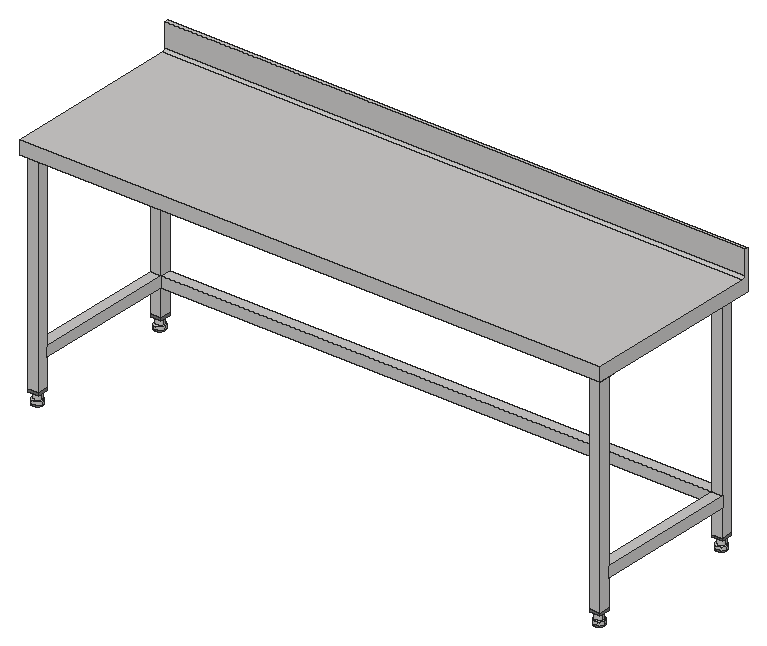
Revit family "QF_ELECTROLUXPROFESSIONAL_133237_TG2200UN", category Attrezzature speciali, Revit 2020
Family settings
  Quota connettore circolare = Usa diametro
  Tipo di parte = Normale
  Basato su piano di lavoro = No
  Sempre verticale = Sì
  Taglio con vuoti quando caricato = No
  Condiviso = No
  Punto di calcolo locali = No
Parameters (values of type "Standard")
  Weight = 77.00 kg
  Watts = 0 W
  Volts = 0 V
  URL Manufacturer = "https://www.electroluxprofessional.com/"
  URL = "https://www.electroluxprofessional.com/"
  Steam Supply Size = 0 mm
  Steam Supply Minimum Pressure = 0.0 Pa
  Steam Supply Maximum Pressure = 0.0 Pa
  Steam Consumption per Hour = 0
  Refrigeration Suction Line Size = 0.0 mm
  Refrigeration Liquid Line Size = 0.0 mm
  Refrigerant Compressor Remote = yes
  Prospetto di default = 0.0 mm
  Produttore = "Electrolux Professional"
  Phase = 0
  Modello = "TG2200UN"
  Length Actual = 2200.0 mm  # constant formula
  Item Number = "133237"
  Hot Water Size = 0 mm
  Height Actual = 1000.0 mm  # constant formula
  HP = "0 HP"
  Gas Size = 0 mm
  Gas KW = 0
  Gas Input Pressure = 0 W
  Direct Waste Size = 0 mm
  Descrizione = "WORK TABLE WITH UPSTAND 2200 MM+UNDERFRAME"
  Depth Actual = 700.0 mm  # constant formula
  Cycle = 0 Hz
  Condensate Return Size = 0 mm
  Compressed Air Volume = 0.0 L/s
  Compressed Air Size = 0 mm
  Compressed Air Pressure = 0.0 Pa
  Cold Water Size = 0 mm
  Accessory = yes
Reference planes
  plane 1 "Center (Front/Back)": y = 0
  plane 2: z = 0
  plane 3 "Center (Left/Right)": x = -600
  plane 4 "LEFT": x = -1700
  plane 5 "RIGHT": x = 500
  plane 6 "BACK": y = 350
  plane 7 "FRONT": y = -350
  plane 8 "Base": z = 850
  plane 9 "TOP": z = 900
  plane 10: x = -1664.5
  plane 11: x = 464.5
  plane 12: y = 269.5
  plane 13: y = -310.5
Forms (mm)
  Extrusion 1, solid, material "QF_Finishes_Stainless Steel"
    sketch origin (-600, 0, 0) x (0, 1, 0) y (0, 0, 1)
      loop
        line (-350, 850) -> (350, 850) -> (350, 1000) -> (337, 1000) -> (337, 910)
        arc (337, 910) -> (334.071, 902.929) -> (327, 900) r 10
        line (327, 900) -> (-350, 900) -> (-350, 850)
    from 1100 to -1100
  Extrusion 2, solid, material "QF_Finishes_Stainless Steel"
    sketch origin (-600, 0, 0) x (0, 1, 0) y (0, 0, 1)
      loop
        line (249.5, 195) -> (249.5, 155) -> (289.5, 155) -> (289.5, 195) -> (249.5, 195)
    from 1044.5 to -1044.5
  Extrusion 3, solid, material "QF_Finishes_Stainless Steel"
    sketch origin (0, 0, 0) x (1, 0, 0) y (0, 0, 1)
      loop
        line (-1644.5, 195) -> (-1684.5, 195) -> (-1684.5, 155) -> (-1644.5, 155) -> (-1644.5, 195)
      loop
        line (484.5, 195) -> (444.5, 195) -> (444.5, 155) -> (484.5, 155) -> (484.5, 195)
    from 290.5 to -249.5
Lines and regions (mm)
  symbolic lines
    curve 1: line (500, 350, 900) -> (-1700, 350, 900)
    curve 2: line (-1700, 350, 900) -> (-1700, -350, 900)
    curve 3: line (-1700, -350, 900) -> (500, -350, 900)
    curve 4: line (500, -350, 900) -> (500, 350, 900)
    curve 5: line (500, 337, 900) -> (-1700, 337, 900)
Dimensions and locks
  plane 4 "LEFT" to plane 5 "RIGHT" = 2200.0 mm
  equal spacing: plane 4 "LEFT", plane 3 "Center (Left/Right)", plane 5 "RIGHT"
  locked: plane 8 "Base" to level at 850
  plane 4 "LEFT" to plane 10 = 35.5 mm
  plane 11 to plane 5 "RIGHT" = 35.5 mm
  plane 10 to plane 11 = 2129.0 mm
  locked: Extrusion 1 to level at 1000
  plane 9 "TOP" to level = 900.0 mm
  plane 6 "BACK" to plane 12 = 80.5 mm
  plane 13 to plane 7 "FRONT" = 39.5 mm
  plane 6 "BACK" to plane 7 "FRONT" = 700.0 mm
  plane 12 to plane 13 = 580.0 mm
  equal spacing: plane 6 "BACK", plane 1 "Center (Front/Back)", plane 7 "FRONT"
  aligned and locked: level to plane 2
  aligned and locked: plane 11 to nested 2
  aligned and locked: nested 2 to plane 12
  aligned and locked: plane 10 to nested 1
  aligned and locked: nested 1 to plane 12
  aligned and locked: Extrusion 1 to plane 4 "LEFT"
  aligned and locked: plane 5 "RIGHT" to Extrusion 1
  aligned and locked: curve 2 to plane 4 "LEFT"
  aligned and locked: Extrusion 3 to nested 1
  aligned and locked: nested 4 to nested 3
  aligned and locked: plane 10 to nested 4
Automatic sketch dimensions
  curve 3 to plane 7 "FRONT" = 0.0 mm
  curve 5 to plane 5 "RIGHT" = 0.0 mm
  curve 4 to plane 6 "BACK" = 0.0 mm
  curve 5 to plane 6 "BACK" = 13.0 mm
  Extrusion 1 sketch curve to plane 7 "FRONT" = 0.0 mm
  Extrusion 1 sketch curve to plane 9 "TOP" = 0.0 mm
  Extrusion 1 sketch curve to plane 6 "BACK" = 0.0 mm
  Extrusion 1 sketch curve to plane 8 "Base" = 0.0 mm
  plane 9 "TOP" to Extrusion 1 sketch curve = 10.0 mm
  Extrusion 1 sketch curve to plane 6 "BACK" = 23.0 mm
  Extrusion 1 sketch curve to Extrusion 1 sketch curve = 90.0 mm
  Extrusion 2 sketch curve to plane 12 = 20.0 mm
  plane 12 to Extrusion 2 sketch curve = 20.0 mm
  level to Extrusion 2 sketch curve = 155.0 mm
  Extrusion 2 sketch curve to Extrusion 2 sketch curve = 40.0 mm
  plane 4 "LEFT" to Extrusion 3 sketch curve = 15.5 mm
  plane 10 to Extrusion 3 sketch curve = 20.0 mm
  Extrusion 3 sketch curve to plane 11 = 20.0 mm
  Extrusion 3 sketch curve to plane 5 "RIGHT" = 15.5 mm
  level to Extrusion 3 sketch curve = 155.0 mm  (x2)
  Extrusion 3 sketch curve to Extrusion 3 sketch curve = 40.0 mm  (x2)
Nested families
  nested 1: "FEET_40x40_APP42" at (-1664.5, 269.5, 0), type "FEET_40x40_APP42"
  nested 2: "FEET_40x40_APP42" at (464.5, 269.5, 0), type "FEET_40x40_APP42"
  nested 3: "FEET_40x40_APP42" at (464.5, -310.5, 0), type "FEET_40x40_APP42"
  nested 4: "FEET_40x40_APP42" at (-1664.5, -310.5, 0), type "FEET_40x40_APP42"
Definition of nested family "FEET_40x40_APP42"
  Parameters
    Default Elevation = 0.0 mm
    FEET = 850.0 mm
  Reference planes
    plane 1 "Center (Front/Back)": y = 0
    plane 2: z = 0
    plane 3 "Center (Left/Right)": x = 0
    plane 4: z = 850
  Forms (mm)
    Extrusion 1, solid
      sketch origin (0, 0, 0) x (1, 0, 0) y (0, 1, 0)
        loop
          line (-20, -20) -> (20, -20) -> (20, 20) -> (-20, 20) -> (-20, -20)
      from 50 to 845
    Extrusion 2, solid
      sketch origin (0, 0, 0) x (1, 0, 0) y (0, 1, 0)
        loop
          circle (0, 0) r 20
      from 0 to 5
    Extrusion 3, solid
      sketch origin (0, 0, 0) x (1, 0, 0) y (0, 1, 0)
        loop
          line (30, 30) -> (-30, 30) -> (-30, -30) -> (30, -30) -> (30, 30)
      from 845 to 850
    Extrusion 4, solid
      sketch origin (0, 0, 0) x (1, 0, 0) y (0, 1, 0)
        loop
          line (-20, -20) -> (20, -20) -> (20, 20) -> (-20, 20) -> (-20, -20)
      from 50 to 42
    Revolve 5, solid
      sketch origin (0, 0, 0) x (1, 0, 0) y (0, 0, 1)
        loop
          line (0, 42) -> (-15, 42) -> (-15, 20) -> (-20, 15) -> (-20, 5) -> (0, 5) -> (0, 42)
        axis (0, 42) -> (0, 5)
      angle from 0 to 360
  Lines and regions (mm)
    symbolic lines
      curve 1: line (0, -1.503, 0) -> (0, 1.508, 0)
      curve 2: line (1.561, 0, 0) -> (-1.439, 0, 0)
  Dimensions and locks
    "FEET": plane 4 to plane 2
    aligned and locked: level to plane 2
  Automatic sketch dimensions
    plane 1 "Center (Front/Back)" to curve 2 = 0.0 mm
    curve 1 to plane 3 "Center (Left/Right)" = 0.0 mm
    curve 2 to plane 3 "Center (Left/Right)" = 1.439 mm
    plane 3 "Center (Left/Right)" to curve 2 = 1.561 mm
    plane 1 "Center (Front/Back)" to curve 1 = 1.503 mm
    curve 1 to plane 1 "Center (Front/Back)" = 1.508 mm
    Extrusion 1 sketch curve to plane 3 "Center (Left/Right)" = 20.0 mm
    plane 3 "Center (Left/Right)" to Extrusion 1 sketch curve = 20.0 mm
    plane 1 "Center (Front/Back)" to Extrusion 1 sketch curve = 20.0 mm
    Extrusion 1 sketch curve to plane 1 "Center (Front/Back)" = 20.0 mm
    plane 1 "Center (Front/Back)" to Extrusion 2 sketch curve = 0.0 mm
    Extrusion 2 sketch curve to plane 3 "Center (Left/Right)" = 0.0 mm
    Extrusion 3 sketch curve to plane 3 "Center (Left/Right)" = 30.0 mm
    plane 3 "Center (Left/Right)" to Extrusion 3 sketch curve = 30.0 mm
    plane 1 "Center (Front/Back)" to Extrusion 3 sketch curve = 30.0 mm
    Extrusion 3 sketch curve to plane 1 "Center (Front/Back)" = 30.0 mm
    Extrusion 4 sketch curve to plane 3 "Center (Left/Right)" = 20.0 mm
    plane 3 "Center (Left/Right)" to Extrusion 4 sketch curve = 20.0 mm
    plane 1 "Center (Front/Back)" to Extrusion 4 sketch curve = 20.0 mm
    Extrusion 4 sketch curve to plane 1 "Center (Front/Back)" = 20.0 mm
    Revolve 5 sketch curve to plane 3 "Center (Left/Right)" = 0.0 mm  (x2)
    Revolve 5 sketch curve to plane 3 "Center (Left/Right)" = 15.0 mm
    Revolve 5 sketch curve to Revolve 5 sketch curve = 5.0 mm  (x3)
    level to Revolve 5 sketch curve = 5.0 mm
    Revolve 5 sketch curve to Revolve 5 sketch curve = 10.0 mm
    Revolve 5 sketch curve to Revolve 5 sketch curve = 22.0 mm
    Revolve 5 sketch curve to level = 9.561 mm
    radius of Extrusion 2 sketch curve = 20.0 mm
